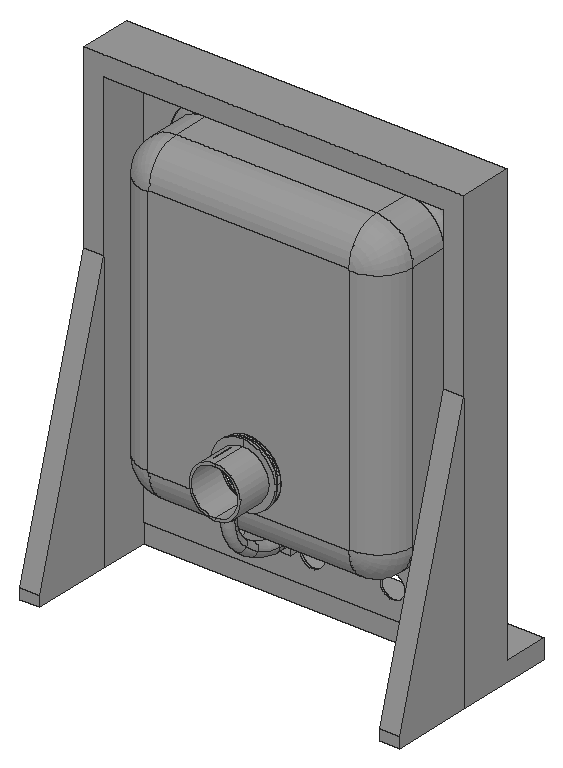
Revit family "equip-sink-elkay-lav-wall", category Plumbing Fixtures, host Face, Revit 2019
Family settings
  Host = Face
  Round Connector Dimension = Use Radius
  Part Type = Normal
  Cut with Voids When Loaded = No
  Shared = No
  Room Calculation Point = No
Parameters (values of type "WCLWO1923OSD3")
  WFU = 0  # constant formula
  Vent Connection = yes
  URL = "www.elkayusa.com"
  Type Comments = ""
  Stem Material = Metal - Steel
  Specification Sheet URL = "http://www.elkayusa.com/cps/rde/xbcr/elkay/03-21L_WCL19230SD.pdf"
  Sink Width = 1' - 11"
  Sink Part = "WCLWO1923OSD3"
  Sink Material = Metal - Steel - Stainless - Chrome
  Sink Length = 1' - 7"
  Sink Ledge Right Width Hidden = if(Sink Ledge Right Width > 0' 1 1/2", Sink Ledge Right Width, 0' 1 1/2")  # 0' - 2 3/4"
  Sink Ledge Right Width = 0' - 2 3/4"
  Sink Ledge Left Width Hidden = if(Sink Ledge Left Width > 0' 1 1/2", Sink Ledge Left Width, 0' 1 1/2")  # 0' - 2 3/4"
  Sink Ledge Left Width = 0' - 2 3/4"
  Sink Ledge Front Width Hidden = if(Sink Ledge Front Width > 0' 1 1/2", Sink Ledge Front Width, 0' 1 1/2")  # 0' - 2 1/2"
  Sink Ledge Front Width = 0' - 2 1/2"
  Sink Ledge Back Width Hidden = if(Sink Ledge Back Width > 0' 1 1/2", Sink Ledge Back Width, 0' 1 1/2")  # 0' - 4 1/2"
  Sink Ledge Back Width = 0' - 4 1/2"
  Sanitary Nominal Radius = Sanitary Nominal Dia / 2  # 0' - 0 3/4"
  Sanitary Nominal Dia = 0' - 1 1/2"
  Sanitary Flow Rate = 10 GPM
  Reference Level to Back Plane = 0' - 0"  # constant formula
  Overflow Void = if(OverFlow, 0' 0 3/16", 0' 0 1/16")  # 0' - 0 3/16"
  OverFlow = yes
  OmniClass Title = "Service Sinks"
  OmniClass Code = "23.45.05.14.14.27"
  Nominal Radius = Nominal Dia / 2  # 0' - 0 1/4"
  Nominal Dia = 0' - 0 1/2"
  Model = "WCLWO1923OSD3"
  Minimum Cabinet Width = ""
  MasterFormat Title = "Commercial Sinks"
  MasterFormat Number = "22.42.16.16"
  Manufacturer = "Elkay Manufacturing"
  Keynote = "D2010410"
  Hole Radius = Faucet Hole Dia / 2  # 0' - 0 5/8"
  Hole One to Two = 0' - 4"
  Hole One to Three = 0' - 8"
  HWFU = 0  # constant formula
  HW Flow Rate = 2 GPM
  Faucet Part = ""
  Faucet Material = Metal - Steel - Stainless - Chrome
  Faucet Hole Two Top = 0' - 0 1/4"
  Faucet Hole Two = Faucet Hole Two Top > 0' 0 63/256"  # yes
  Faucet Hole Three Top = 0' - 0 1/4"
  Faucet Hole Three = Faucet Hole Three Top > 0' 0 63/256"  # yes
  Faucet Hole One to CL = 0' - 4"
  Faucet Hole One Top = 0' - 0 1/4"
  Faucet Hole One = Faucet Hole One Top > 0' 0 63/256"  # yes
  Faucet Hole Dia = 0' - 1 1/4"
  Faucet CL to Wall = 0' - 2 1/2"
  Drain Part = ""
  Drain Material = Metal - Steel - Stainless - Chrome
  Drain CL LR to Left Bowl Edge = Bowl Length / 2  # 0' - 6 3/4"
  Description = "Wash-Up Lavatory Sinks"
  Default Elevation = 2' - 7 1/2"
  Date Created = "2011-06-06"
  Cost = -1
  CWFU = 0  # constant formula
  CW Flow Rate = 2 GPM
  Bubbler Part = ""
  Bubbler Nominal Radius = Bubbler Nominal Dia / 2  # 0' - 0 1/4"
  Bubbler Nominal Dia = 0' - 0 1/2"
  Bubbler Material = Metal - Steel - Stainless - Chrome
  Bubbler CW Flow Rate = 2 GPM
  Bowl Width = (Sink Width - Sink Ledge Front Width - Sink Ledge Back Width)  # 1' - 4"
  Bowl Length = Sink Length - Sink Ledge Left Width - Sink Ledge Right Width  # 1' - 1 1/2"
  Bowl Drain Location FB = 0' - 3 1/2"
  Bowl Depth = 0' - 4"
  Backsplash Height = 0' - 2 1/2"
  Assembly Code = "D2010410"
Types (10): name | Specification Sheet URL | Sink Width | Sink Part | Sink Length | Sink Ledge Right Width Hidden | Sink Ledge Right Width | Sink Ledge Left Width Hidden | Sink Ledge Left Width | Sink Ledge Front Width Hidden | Sink Ledge Front Width | Overflow Void | OverFlow | Model | Hole Radius | Hole One to Two | Hole One to Three | Faucet Hole Two Top | Faucet Hole Two | Faucet Hole Three Top | Faucet Hole Three | Faucet Hole One to CL | Faucet Hole One Top | Faucet Hole One | Faucet Hole Dia | Drain CL LR to Left Bowl Edge | Bowl Width | Bowl Length | Bowl Depth | Backsplash Height
  ELVWO22193 | "http://www.elkayusa.com/cps/rde/xbcr/elkay/03-03F_ELV2219_ELVWO2219.pdf" | 1' - 7" | "ELVWO22193" | 1' - 10" | 0' - 3" | 0' - 3" | 0' - 3" | 0' - 3" | 0' - 3" | 0' - 3" | 0' - 0 3/16" | yes | "ELVWO22193" | 0' - 0 3/4" | 0' - 4" | 0' - 8" | 0' - 0 1/4" | yes | 0' - 0 1/4" | yes | 0' - 4" | 0' - 0 1/4" | yes | 0' - 1 1/2" | 0' - 8" | 0' - 11 1/2" | 1' - 4" | 0' - 5 1/2" | 0' - 2 3/4"
  ELVWO2219CS3 | "http://www.elkayusa.com/cps/rde/xbcr/elkay/03-03F_ELV2219_ELVWO2219.pdf" | 1' - 7" | "ELVWO2219CS3" | 1' - 10" | 0' - 3" | 0' - 3" | 0' - 3" | 0' - 3" | 0' - 3" | 0' - 3" | 0' - 0 3/16" | yes | "ELVWO2219CS3" | 0' - 0 5/8" | 0' - 2" | 0' - 4" | 0' - 0 1/4" | yes | 0' - 0 1/4" | yes | 0' - 2" | 0' - 0 1/4" | yes | 0' - 1 1/4" | 0' - 8" | 0' - 11 1/2" | 1' - 4" | 0' - 5 1/2" | 0' - 2 3/4"
  ELVWO22191 | "http://www.elkayusa.com/cps/rde/xbcr/elkay/03-03F_ELV2219_ELVWO2219.pdf" | 1' - 7" | "ELVWO22191" | 1' - 10" | 0' - 3" | 0' - 3" | 0' - 3" | 0' - 3" | 0' - 3" | 0' - 3" | 0' - 0 3/16" | yes | "ELVWO22191" | 0' - 0 5/8" | 0' - 2" | 0' - 4" | 0' - 0 1/4" | yes | 0' - 0 1/8" | no | 0' - 2" | 0' - 0 1/8" | no | 0' - 1 1/4" | 0' - 8" | 0' - 11 1/2" | 1' - 4" | 0' - 5 1/2" | 0' - 2 3/4"
  WCLWO1923OSD3 | "http://www.elkayusa.com/cps/rde/xbcr/elkay/03-21L_WCL19230SD.pdf" | 1' - 11" | "WCLWO1923OSD3" | 1' - 7" | 0' - 2 3/4" | 0' - 2 3/4" | 0' - 2 3/4" | 0' - 2 3/4" | 0' - 2 1/2" | 0' - 2 1/2" | 0' - 0 3/16" | yes | "WCLWO1923OSD3" | 0' - 0 5/8" | 0' - 4" | 0' - 8" | 0' - 0 1/4" | yes | 0' - 0 1/4" | yes | 0' - 4" | 0' - 0 1/4" | yes | 0' - 1 1/4" | 0' - 6 3/4" | 1' - 4" | 1' - 1 1/2" | 0' - 4" | 0' - 2 1/2"
  ELV22193 | "http://www.elkayusa.com/cps/rde/xbcr/elkay/03-03F_ELV2219_ELVWO2219.pdf" | 1' - 7" | "ELV22193" | 1' - 10" | 0' - 3" | 0' - 3" | 0' - 3" | 0' - 3" | 0' - 3" | 0' - 3" | 0' - 0 1/16" | no | "ELV22193" | 0' - 0 3/4" | 0' - 4" | 0' - 8" | 0' - 0 1/4" | yes | 0' - 0 1/4" | yes | 0' - 4" | 0' - 0 1/4" | yes | 0' - 1 1/2" | 0' - 8" | 0' - 11 1/2" | 1' - 4" | 0' - 5 1/2" | 0' - 2 3/4"
  ELV22191 | "http://www.elkayusa.com/cps/rde/xbcr/elkay/03-03F_ELV2219_ELVWO2219.pdf" | 1' - 7" | "ELV22191" | 1' - 10" | 0' - 3" | 0' - 3" | 0' - 3" | 0' - 3" | 0' - 3" | 0' - 3" | 0' - 0 1/16" | no | "ELV22191" | 0' - 0 5/8" | 0' - 2" | 0' - 4" | 0' - 0 1/4" | yes | 0' - 0 1/8" | no | 0' - 2" | 0' - 0 1/8" | no | 0' - 1 1/4" | 0' - 8" | 0' - 11 1/2" | 1' - 4" | 0' - 5 1/2" | 0' - 2 3/4"
  WCL1923OSD1 | "http://www.elkayusa.com/cps/rde/xbcr/elkay/03-21L_WCL19230SD.pdf" | 1' - 11" | "WCL1923OSD1" | 1' - 7" | 0' - 2 1/2" | 0' - 2 1/2" | 0' - 2 1/2" | 0' - 2 1/2" | 0' - 2 1/2" | 0' - 2 1/2" | 0' - 0 1/16" | no | "WCL1923OSD1" | 0' - 0 5/8" | 0' - 4" | 0' - 8" | 0' - 0 1/4" | yes | 0' - 0 1/8" | no | 0' - 4" | 0' - 0 1/8" | no | 0' - 1 1/4" | 0' - 7" | 1' - 4" | 1' - 2" | 0' - 4" | 0' - 2 1/2"
  ELV2219CS3 | "http://www.elkayusa.com/cps/rde/xbcr/elkay/03-03F_ELV2219_ELVWO2219.pdf" | 1' - 7" | "ELV2219CS3" | 1' - 10" | 0' - 3" | 0' - 3" | 0' - 3" | 0' - 3" | 0' - 3" | 0' - 3" | 0' - 0 1/16" | no | "ELV2219CS3" | 0' - 0 5/8" | 0' - 2" | 0' - 4" | 0' - 0 1/4" | yes | 0' - 0 1/4" | yes | 0' - 2" | 0' - 0 1/4" | yes | 0' - 1 1/4" | 0' - 8" | 0' - 11 1/2" | 1' - 4" | 0' - 5 1/2" | 0' - 2 3/4"
  WCL1923OSD3 | "http://www.elkayusa.com/cps/rde/xbcr/elkay/03-21L_WCL19230SD.pdf" | 1' - 11" | "WCL1923OSD3" | 1' - 7" | 0' - 2 1/2" | 0' - 2 1/2" | 0' - 2 1/2" | 0' - 2 1/2" | 0' - 2 1/2" | 0' - 2 1/2" | 0' - 0 1/16" | no | "WCL1923OSD3" | 0' - 0 3/4" | 0' - 4" | 0' - 8" | 0' - 0 1/4" | yes | 0' - 0 1/4" | yes | 0' - 4" | 0' - 0 1/4" | yes | 0' - 1 1/2" | 0' - 7" | 1' - 4" | 1' - 2" | 0' - 4" | 0' - 2 1/2"
  WCL1923OSD0 | "http://www.elkayusa.com/cps/rde/xbcr/elkay/03-21L_WCL19230SD.pdf" | 1' - 11" | "WCL1923OSD0" | 1' - 7" | 0' - 2 1/2" | 0' - 2 1/2" | 0' - 2 1/2" | 0' - 2 1/2" | 0' - 2 1/2" | 0' - 2 1/2" | 0' - 0 1/16" | no | "WCL1923OSD0" | 0' - 0 5/8" | 0' - 4" | 0' - 8" | 0' - 0 1/8" | no | 0' - 0 1/8" | no | 0' - 5" | 0' - 0 1/8" | no | 0' - 1 1/4" | 0' - 7" | 1' - 4" | 1' - 2" | 0' - 4" | 0' - 2 1/2"
Reference planes (in)
  plane 1 "Center (Front/Back)": y = 0
  plane 2: z = 0
  plane 3 "Center (Left/Right)": x = 0
  plane 4 "Recommend Installation Base": y = -31.5
  plane 5 "Face of Connectors": z = 0.125
  plane 6 "Water Supply Install Height": y = -23.4375
  plane 7 "Sanitary Install Height": y = -11
  plane 8 "Water Cold Supply Install Plan": x = -1.125
  plane 9 "Water Hot Supply Plan": x = -9.125
  plane 10 "Sanitary Install Plan": x = 2
Forms (in)
  Extrusion 1, solid, material "Glass", not visible
    sketch origin (0, 0, 0) x (1, 0, 0) y (0, 1, 0)
      loop
        circle (2, -11) r 0.75
    from 0 to 0.125
  Extrusion 2, solid, material "Glass", not visible
    sketch origin (0, 0, 0) x (1, 0, 0) y (0, 1, 0)
      loop
        circle (-9.125, -23.4375) r 0.25
    from 0 to 0.125
  Extrusion 3, solid, material "Glass", not visible
    sketch origin (0, 0, 0) x (1, 0, 0) y (0, 1, 0)
      loop
        circle (-1.125, -23.4375) r 0.25
    from 0 to 0.125
Lines and regions (in)
  reference lines
    curve 1: circle (2, -11, 0) r 0.75 normal (0, 0, 1)
    curve 2: circle (-9.125, -23.4375, 0) r 0.25 normal (0, 0, 1)
    curve 3: circle (-1.125, -23.4375, 0) r 0.25 normal (0, 0, 1)
Dimensions and locks (in)
  locked: plane 4 "Recommend Installation Base" to plane 1 "Center (Front/Back)" at 31.5
  locked: plane 5 "Face of Connectors" to plane 2 at 0.125
  locked: plane 4 "Recommend Installation Base" to plane 6 "Water Supply Install Height" at 8.0625
  locked: plane 4 "Recommend Installation Base" to plane 7 "Sanitary Install Height" at 20.5
  locked: plane 8 "Water Cold Supply Install Plan" to plane 3 "Center (Left/Right)" at 1.125
  locked: plane 9 "Water Hot Supply Plan" to plane 8 "Water Cold Supply Install Plan" at 8
  plane 3 "Center (Left/Right)" to plane 10 "Sanitary Install Plan" = 0' - 2"
  "Sanitary Nominal Radius": radius of curve 1
  "Nominal Radius": radius of curve 2
  "Nominal Radius": radius of curve 3
  aligned and locked: plane 2 to host face
  aligned and locked: level to host face
  aligned and locked: nested 1 to plane 1 "Center (Front/Back)"
  aligned and locked: Extrusion 1 sketch curve to curve 1
  aligned and locked: Extrusion 2 sketch curve to curve 2
  aligned and locked: Extrusion 3 sketch curve to curve 3
  aligned and locked: Extrusion 1 to plane 2
  aligned and locked: plane 5 "Face of Connectors" to Extrusion 1
  aligned and locked: Extrusion 3 to plane 2
  aligned and locked: plane 5 "Face of Connectors" to Extrusion 3
  aligned and locked: Extrusion 2 to plane 2
  aligned and locked: plane 5 "Face of Connectors" to Extrusion 2
Automatic sketch dimensions
  host sketch curve to host sketch curve = 8' - 0"  (x2)
  curve 2 to plane 6 "Water Supply Install Height" = 0' - 0"
  curve 2 to plane 9 "Water Hot Supply Plan" = 0' - 0"
  curve 3 to plane 6 "Water Supply Install Height" = 0' - 0"
  curve 3 to plane 8 "Water Cold Supply Install Plan" = 0' - 0"
  curve 1 to plane 7 "Sanitary Install Height" = 0' - 0"
  curve 1 to plane 10 "Sanitary Install Plan" = 0' - 0"
Nested families (in)
  nested 1: "equip-sink-elkay-lav-wall-package-perp" at (0, 2, 0), type "equip-sink-elkay-lav-wall-package-perp"
    with Sink Width 1' - 11", Sink Length 1' - 7", Sink Ledge Right Width Hidden 0' - 2 3/4", Sink Ledge Right Width 0' - 2 3/4", Sink Ledge Left Width Hidden 0' - 2 3/4", Sink Ledge Left Width 0' - 2 3/4", Sink Ledge Front Width Hidden 0' - 2 1/2", Sink Ledge Front Width 0' - 2 1/2", Hole One to Two 0' - 4", Hole One to Three 0' - 8", Backsplash Height 0' - 2 1/2", Faucet Hole One to CL 0' - 4", Drain CL LR to Left Bowl Edge 0' - 6 3/4", Bowl Depth 0' - 4", Bowl Length 1' - 1 1/2", Bowl Width 1' - 4"
Connectors (in)
  piping at (2, -11, 0), diameter 1.5, driven by "Sanitary Nominal Radius", driven by "Sanitary Flow Rate"
    settings: on Extrusion 1, index 1, connector inside diameter 1 1/2", connector length 0' - 0", flow factor 0, pipe flow 10 GPM, pressure drop 0.00 psi, fitting loss kfactor 0, connector angle 0.00°, fixture units 0, engagement length 0' - 0", angle of deflection 0.00°, flow configuration 1, flow direction 2, fitting loss method 0, system type 16, joint type 0, gender type 0, connector reference index -1, connector utility 0, adjustable connector yes, is connector primary yes, connector description "Sanitary"
  piping at (-1.125, -23.4375, 0), diameter 0.5, driven by "Nominal Radius", driven by "CW Flow Rate"
    settings: on Extrusion 3, index 2, connector inside diameter 1/2", connector length 0' - 0", flow factor 0, pipe flow 2 GPM, pressure drop 0.00 psi, fitting loss kfactor 0, connector angle 0.00°, fixture units 0, engagement length 0' - 0", angle of deflection 0.00°, flow configuration 1, flow direction 1, fitting loss method 0, system type 29, joint type 0, gender type 0, connector reference index -1, connector utility 0, adjustable connector no, is connector primary no, connector description "Cold Water Supply"
  piping at (-9.125, -23.4375, 0), diameter 0.5, driven by "Nominal Radius", driven by "CW Flow Rate"
    settings: on Extrusion 2, index 3, connector inside diameter 1/2", connector length 0' - 0", flow factor 0, pipe flow 2 GPM, pressure drop 0.00 psi, fitting loss kfactor 0, connector angle 0.00°, fixture units 0, engagement length 0' - 0", angle of deflection 0.00°, flow configuration 1, flow direction 1, fitting loss method 0, system type 29, joint type 0, gender type 0, connector reference index -1, connector utility 0, adjustable connector no, is connector primary no, connector description "Hot Water Supply"
Definition of nested family "equip-sink-elkay-lav-wall-package-perp"
  Parameters
    URL = "www.elkayusa.com"
    Stem Material = none
    Specification Sheet URL = ""
    Sink Width = 1' - 7"
    Sink Material = none
    Sink Length = 1' - 10"
    Sink Ledge Right Width Hidden = if(Sink Ledge Right Width > 0' 1 1/2", Sink Ledge Right Width, 0' 1 1/2")  # 0' - 3"
    Sink Ledge Right Width = 0' - 3"
    Sink Ledge Left Width Hidden = if(Sink Ledge Left Width > 0' 1 1/2", Sink Ledge Left Width, 0' 1 1/2")  # 0' - 3"
    Sink Ledge Left Width = 0' - 3"
    Sink Ledge Front Width Hidden = if(Sink Ledge Front Width > 0' 1 1/2", Sink Ledge Front Width, 0' 1 1/2")  # 0' - 3"
    Sink Ledge Front Width = 0' - 3"
    Sink Ledge Back Width Hidden = if(Sink Ledge Back Width > 0' 1 1/2", Sink Ledge Back Width, 0' 1 1/2")  # 0' - 4 1/2"
    Sink Ledge Back Width = 0' - 4 1/2"
    Sink Part = "ELVWO2219CS3"
    Reference Level to Back Plane = 0' - 0"  # constant formula
    Overflow Void = if(OverFlow, 0' 0 3/16", 0' 0 1/16")  # 0' - 0 3/16"
    OverFlow = yes
    Nominal Radius = Nominal Dia / 2  # 0' - 0 3/16"
    Nominal Dia = 0' - 0 3/8"
    Hole Radius = Faucet Hole Dia / 2  # 0' - 0 5/8"
    Hole One to Two = 0' - 2"
    Hole One to Three = 0' - 4"
    HW Flow Rate = 2 GPM
    Faucet Part = ""
    Faucet Material = none
    Faucet Hole Two Top = 0' - 0 1/4"
    Faucet Hole Two = Faucet Hole Two Top > 0' 0 63/256"  # yes
    Faucet Hole Dia = 0' - 1 1/4"
    Drain Part = ""
    Drain Material = none
    CW Flow Rate = 2 GPM
    Bubbler Part = ""
    Bubbler Nominal Radius = Bubbler Nominal Dia / 2  # 0' - 0 1/4"
    Bubbler Nominal Dia = 0' - 0 1/2"
    Bubbler Material = none
    Bubbler CW Flow Rate = 2 GPM
    Backsplash Height = 0' - 2 3/4"
    Faucet Hole Three Top = 0' - 0 1/4"
    Faucet Hole Three = Faucet Hole Three Top > 0' 0 63/256"  # yes
    Faucet Hole One = Faucet Hole One Top > 0' 0 63/256"  # yes
    Faucet CL to Wall = 0' - 2 1/2"
    Faucet Hole One to CL = 0' - 2"
    Drain CL LR to Left Bowl Edge = Bowl Length / 2  # 0' - 8"
    Faucet Hole One Top = 0' - 0 1/4"
    Bowl Depth = 0' - 5 1/2"
    Sanitary Flow Rate = 10 GPM
    OmniClass Title = "Service Sinks"
    OmniClass Code = "23.45.05.14.14.27"
    Sanitary Nominal Radius = Sanitary Nominal Dia / 2  # 0' - 0 3/4"
    Sanitary Nominal Dia = 0' - 1 1/2"
    Model = "ELVWO2219CS3"
    Minimum Cabinet Width = ""
    MasterFormat Title = "Commercial Sinks"
    MasterFormat Number = "22.42.16.16"
    Manufacturer = "Elkay Manufacturing"
    Installation Sheet URL = ""
    Bowl Drain Location FB = 0' - 3 1/2"
    Description = "Wash-Up Lavatory Sinks"
    Default Elevation = 0' - 0"
    Deep Specification Sheet URL = ""
    Date Created = "2011-06-06"
    Bowl Length = Sink Length - Sink Ledge Left Width - Sink Ledge Right Width  # 1' - 4"
    Bowl Width = (Sink Width - Sink Ledge Front Width - Sink Ledge Back Width)  # 0' - 11 1/2"
    Assembly Code = "D2010410"
  Reference planes (in)
    plane 1 "CL Sink Hole": z = 8
    plane 2 "Bottom-New": z = 0
    plane 3 "Center (Left/Right)": x = 0
    plane 4 "Basin Edge Left": x = -8
    plane 5 "Basin Edge Right": x = 8
    plane 6 "Back Right Bowl Edge": z = 4.5
    plane 7 "Basin Edge Front": z = 16
    plane 8 "Left": x = -11
    plane 9 "Right": x = 11
    plane 10 "Back": z = 0
    plane 11 "Front": z = 19
    plane 12 "Edge Opening Right": x = 8.42188
    plane 13 "Edge Opening Left": x = -8.42187
    plane 14 "Sink Top Piece Bottom Face": y = -2.25
    plane 15 "Top Radius Corner Prot": y = -2.60938
    plane 16 "Left Sink Bottom Piece Left Edge": x = -6.3125
    plane 17 "Sink Bottom Piece Right Edge": x = 6.3125
    plane 18 "Sink Bottom Piece Back Edge": z = 6.1875
    plane 19 "Sink Bottom Piece Front Edge": z = 14.3125
    plane 20 "Center (Front/Back)": z = 9.5
    plane 21 "Right Bowl CL Drain": x = 0
    plane 22 "Edge Opening Front": z = 16.42187
    plane 23 "Right Sink Right Edge Radius": x = 6.25
    plane 24 "Front Edge Bottom Edge Radius": z = 14.25
    plane 25 "Back Edge Bottom Edge Radius": z = 6.25
    plane 26 "Back Right Edge Opening": z = 4.07812
    plane 27 "Left Bowl Bottom Edge Radius": x = -6.25
    plane 28 "Masking Region": y = -0.93593
    plane 29 "Sink Wall Right Inside Edge": x = 10
    plane 30 "Backsplash Front": z = 1
    plane 31 "Sink Wall Left Inside Edge": x = -10
    plane 32 "Right Bowl Bottom Top Face": y = -7.6875
    plane 33 "Right Bowl Bottom Bottom Face": y = -7.75
    plane 34 "Right Bowl Bottom Top of Radius": y = -6
    plane 35 "Faucet Hole Bottom": y = -2.4375
    plane 36 "Faucet Hole CL Front/Back": z = 2.5
    plane 37 "Top of Rim": y = -2
    plane 38 "CL Bowl Left/Right": x = 0
    plane 39 "CL Bowl Front/Back": z = 10.25
    plane 40 "Top of Backsplash": y = 0.5625
    plane 41 "Bottom of Side Apron": y = -4.4375
    plane 42 "Bottom of Bracket": y = -8.4375
    plane 43 "Front of Side Angle": z = 14
    plane 44 "Sink Wall Front Inside Edge": z = 18
    plane 45 "Faucet Hole One": x = -2
    plane 46 "Faucet Hole 3": x = 2
    plane 47 "Faucet Hole 2": x = 0
    plane 48 "Faucet Hole 3 Top": y = -2.1875
    plane 49 "Faucet Hole 2 Top": y = -2.1875
    plane 50 "Front Angle": z = 0.5
    plane 51 "Faucet Hole Top One": y = -2.1875
    plane 52 "Top Overflow Cup": y = -8.02928
    plane 53 "Bottom Overflow Cup": y = -9.87303
    plane 54 "Bottom of Overflo Cup Lip": y = -8.12303
    plane 55 "CL Pipe overflow": y = -9.01365
    plane 56 "CL Pipe Overflow @ housing": z = 4
    plane 57 "Bottom Overflow Pipe": y = -5.94169
    plane 58 "Top Overflow Pipe": y = -4.21875
    plane 59 "Top overflow housing": y = -2.71875
    plane 60 "Overflow housing misc": y = -3.8547
    plane 61 "Back overflow housing": z = 3.5
    plane 62 "Back Side Overflow": z = 4.375
    plane 63 "Front Overflow": z = 4.5625
    plane 64 "CL Overflow Elev": y = -3.25
    plane 65 "Sink Deck": y = -2.1875
    plane 66 "Bottom of San Connector": y = -8.18553
  Forms (in)
    Extrusion 1, solid, material <- "Sink Material"
      sketch origin (11, -38, 34) x (0, 0, -1) y (0, 1, 0)
        loop
          line (33, 38.5625) -> (33, 35.8125) -> (34, 35.8125) -> (34, 38.5625) -> (33, 38.5625)
      from -22 to 0
    Extrusion 2, solid, material <- "Sink Material"
      sketch origin (0, -38, 34) x (0, 0, -1) y (0, 1, 0)
        loop
          line (20, 33.5625) -> (33.5, 29.5625) -> (34, 29.5625) -> (34, 33.5625) -> (20, 33.5625)
      from 10 to 11
    Extrusion 3, solid, material <- "Sink Material"
      sketch origin (0, -38, 34) x (0, 0, -1) y (0, 1, 0)
        loop
          line (34, 33.5625) -> (20, 33.5625) -> (33.5, 29.5625) -> (34, 29.5625) -> (34, 33.5625)
      from -11 to -10
    Extrusion 4, solid, material <- "Sink Material"
      sketch origin (0, -2.1875, 0) x (0, 0, -1) y (1, 0, 0)
        loop
          line (0, -11) -> (0, -10) -> (-18, -10) -> (-18, 10) -> (0, 10) -> (0, 11) -> (-19, 11) -> (-19, -11) -> (0, -11)
      from 2.25 to 0
    Sweep 5, solid, material <- "Sink Material"
      path origin (0, -2.1875, 0) x (0, 0, -1) y (1, 0, 0)
        loop
          line (-1, 11) -> (-19, 11) -> (-19, -11) -> (-1, -11)
      profile "profile-elkay-sink-rim-10 : profile-elkay-sink-rim-10" origin (0, -2.1875, 19) x (0, 0, -1) y (0, -1, 0)
        loop
          line (0.77655, -0.1875) -> (1, 0) -> (0, 0) -> (0, -0.1875) -> (0.77655, -0.1875)
    Extrusion 6, solid, material <- "Drain Material", visible <- "OverFlow"
      sketch origin (0, -38, 34) x (0, 0, -1) y (0, 1, 0)
        loop
          line (30.02038, 35.28125) -> (29.625, 35.28125) -> (29.625, 33.78125) -> (30.5, 33.78125) -> (30.5, 34.1453) -> (30.02038, 35.28125)
      from -0.5 to 0.5
    Revolve 7, solid, material <- "Drain Material", visible <- "OverFlow"
      sketch origin (0, -37.92214, 34) x (0, 0, -1) y (0, 1, 0)
        loop
          line (24.71875, 28.04911) -> (24.84375, 28.04911) -> (24.84375, 29.89286) -> (24.375, 29.89286) -> (24.375, 29.79911) -> (24.71875, 29.79911) -> (24.71875, 28.04911)
        axis (26, 29.89286) -> (26, 28.04911)
      angle from 0 to 360
    Sweep 8, solid, material <- "Drain Material", visible <- "OverFlow"
      path origin (0, -36.42214, 34) x (0, 0, -1) y (0, 1, 0)
        loop
          line (27.28126, 27.40848) -> (27.49348, 27.40848)
          arc (27.49348, 27.40848) -> (28.33972, 27.59009) -> (29.03694, 28.10291) r 2.0625
          arc (29.03694, 28.10291) -> (29.31698, 28.45835) -> (29.55517, 28.84308) r 4.00885
          arc (29.55517, 28.84308) -> (29.83675, 29.49167) -> (30, 30.17964) r 4.00885
          line (30, 30.17964) -> (30, 30.48045)
      profile origin (0, -9.01365, 6.61263) x (1, 0, 0) y (0, 1, 0)
        loop
          circle (0, 0) r 0.3125
    Extrusion 9, solid, material <- "Drain Material", visible <- "OverFlow"
      sketch origin (0, -38, 34) x (1, 0, 0) y (0, 0, -1)
        loop
          circle (0, 30) r 0.3125
      from 32.05831 to 33.78125
    Sweep 10, solid, material <- "Sink Material", visible <- "OverFlow"
      path origin (-0.26678, 0, 4.5625) x (1, 0, 0) y (0, 1, 0)
        loop
          circle (0.26678, -3.25) r 0.5771
      profile "profile-elkay-sink-drain-front-REV : profile-elkay-sink-drain-front-REV" origin (0, -3.8271, 4.5625) x (0, -1, 0) y (0, 0, 1)
        loop
          line (-0.21875, -0.125) -> (0, -0.125) -> (0, 0) -> (-0.28125, 0) -> (-0.28125, -0.5) -> (-0.21875, -0.5) -> (-0.21875, -0.125)
    Extrusion 11, solid, visible <- "OverFlow"
      sketch origin (0, 0, 4.5625) x (1, 0, 0) y (0, 1, 0)
        loop
          circle (0, -3.25) r 0.25
      from -0.0625 to 0
    Extrusion 12, solid
      sketch origin (0, -9.87303, 0) x (0, 0, 1) y (1, 0, 0)
        loop
          circle (8, 0) r 0.75
      from 1.6875 to 1.75
    Sweep 13, solid, material <- "Sink Material"
      path origin (0, -2.1875, 0) x (0, 0, -1) y (1, 0, 0)
        loop
          line (-16, 6.25) -> (-16, -6.25)
          arc (-16, -6.25) -> (-15.48744, -7.48744) -> (-14.25, -8) r 1.75
          line (-14.25, -8) -> (-6.25, -8)
          arc (-6.25, -8) -> (-5.01256, -7.48744) -> (-4.5, -6.25) r 1.75
          line (-4.5, -6.25) -> (-4.5, 6.25)
          arc (-4.5, 6.25) -> (-5.01256, 7.48744) -> (-6.25, 8) r 1.75
          line (-6.25, 8) -> (-14.25, 8)
          arc (-14.25, 8) -> (-15.48744, 7.48744) -> (-16, 6.25) r 1.75
      profile origin (0, -2.1875, 16) x (0, 0, -1) y (0, -1, 0)
        loop
          line (0, 0.42187) -> (0, 3.8125)
          arc (0, 3.8125) -> (0.49426, 5.00574) -> (1.6875, 5.5) r 1.6875
          line (1.6875, 5.5) -> (1.6875, 5.5625)
          arc (1.6875, 5.5625) -> (0.45006, 5.04994) -> (-0.0625, 3.8125) r 1.75
          line (-0.0625, 3.8125) -> (-0.0625, 0.42187)
          arc (-0.0625, 0.42187) -> (-0.16776, 0.16776) -> (-0.42187, 0.0625) r 0.35937
          line (-0.42187, 0.0625) -> (-0.42187, 0)
          arc (-0.42187, 0) -> (-0.12356, 0.12356) -> (0, 0.42187) r 0.42187
    Extrusion 14, solid, material <- "Sink Material"
      sketch origin (0, -2.1875, 0) x (0, 0, -1) y (1, 0, 0)
        loop
          arc (-14.25, 6.3125) -> (-14.29419, 6.29419) -> (-14.3125, 6.25) r 0.0625
          line (-14.3125, 6.25) -> (-14.3125, -6.25)
          arc (-14.3125, -6.25) -> (-14.29419, -6.29419) -> (-14.25, -6.3125) r 0.0625
          line (-14.25, -6.3125) -> (-6.25, -6.3125)
          arc (-6.25, -6.3125) -> (-6.20581, -6.29419) -> (-6.1875, -6.25) r 0.0625
          line (-6.1875, -6.25) -> (-6.1875, 6.25)
          arc (-6.1875, 6.25) -> (-6.20581, 6.29419) -> (-6.25, 6.3125) r 0.0625
          line (-6.25, 6.3125) -> (-14.25, 6.3125)
        loop
          circle (-8, 0) r 1.625
      from 5.5625 to 5.5
    Sweep 15, solid, material <- "Sink Material"
      path origin (0, -7.6875, 0) x (-1, 0, 0) y (0, 0, 1)
        loop
          circle (0, 8) r 1.625
      profile "profile-elkay-sink-d4-csk : profile-elkay-sink-d4-csk" origin (0, -7.6875, 9.625) x (0, 0, -1) y (0, 1, 0)
        loop
          line (0.5, -0.29111) -> (0.15646, -0.13437)
          arc (0.15646, -0.13437) -> (0.14249, -0.12559) -> (0.13131, -0.11346) r 0.0625
          line (0.13131, -0.11346) -> (0.08817, -0.05226)
          arc (0.08817, -0.05226) -> (0.05064, -0.01507) -> (0, 0) r 0.1086
          line (0, 0) -> (0, -0.04618)
          arc (0, -0.04618) -> (0.02621, -0.05419) -> (0.04646, -0.07265) r 0.0625
          line (0.04646, -0.07265) -> (0.09341, -0.13969)
          arc (0.09341, -0.13969) -> (0.11294, -0.16097) -> (0.13739, -0.17634) r 0.1086
          line (0.13739, -0.17634) -> (0.5, -0.34178) -> (0.5, -0.29111)
    Extrusion 16, solid, material <- "Sink Material"
      sketch origin (0, -2.1875, 0) x (0, 0, -1) y (1, 0, 0)
        loop
          line (-14.25, -8.42188) -> (-6.25, -8.42188)
          arc (-6.25, -8.42188) -> (-4.71425, -7.78575) -> (-4.07812, -6.25) r 2.17187
          line (-4.07812, -6.25) -> (-4.07812, 6.25)
          arc (-4.07812, 6.25) -> (-4.71425, 7.78575) -> (-6.25, 8.42188) r 2.17187
          line (-6.25, 8.42188) -> (-14.25, 8.42187)
          arc (-14.25, 8.42187) -> (-15.78575, 7.78575) -> (-16.42187, 6.25) r 2.17187
          line (-16.42187, 6.25) -> (-16.42187, -6.25)
          arc (-16.42187, -6.25) -> (-15.78575, -7.78575) -> (-14.25, -8.42188) r 2.17187
        loop
          line (-18, 10) -> (-18, -10) -> (-1, -10) -> (-1, 10) -> (-18, 10)
      from 0 to 0.0625
    Extrusion 17, void
      sketch origin (0, -2.1875, 0) x (0, 0, -1) y (1, 0, 0)
        loop
          circle (-2.5, -2) r 0.625
      from 0 to 0.25
    Extrusion 18, void
      sketch origin (0, -2.1875, 0) x (0, 0, -1) y (1, 0, 0)
        loop
          circle (-2.5, 0) r 0.625
      from 0 to 0.25
    Extrusion 19, void
      sketch origin (0, -2.1875, 0) x (0, 0, -1) y (1, 0, 0)
        loop
          circle (-2.5, 2) r 0.625
      from 0 to 0.25
  Cuts and joins
    joined: Extrusion 1, Extrusion 4, Sweep 5
    joined: Sweep 13, Extrusion 14, Sweep 15
    Extrusion 17, Extrusion 18, Extrusion 19 cuts Extrusion 16
  Lines and regions (in)
    Masking region 1
      outline origin (0, -0.93593, 0) x (-1, 0, 0) y (0, 0, 1)
        loop
          line (-11, 19) -> (-11, 0) -> (11, 0) -> (11, 19) -> (-11, 19)
    symbolic lines
      curve 1: line (-11.00745, -0.93593, 1) -> (11, -0.93593, 1)
      curve 2: line (-10, -0.93593, 17.99255) -> (-10, -0.93593, 1)
      curve 3: line (10, -0.93593, 1) -> (10, -0.93593, 17.99255)
      curve 4: line (10, -0.93593, 17.99255) -> (-10, -0.93593, 17.99255)
      curve 26: line (-8, -0.93593, 6.25) -> (-8, -0.93593, 14.25)
      curve 27: line (-6.25, -0.93593, 16) -> (6.25, -0.93593, 16)
      curve 28: line (8, -0.93593, 6.25) -> (8, -0.93593, 14.25)
      curve 29: line (-6.25, -0.93593, 4.5) -> (6.25, -0.93593, 4.5)
      curve 30: arc (-6.25, -0.93593, 4.5) -> (-7.48744, -0.93593, 5.01256) -> (-8, -0.93593, 6.25) r 1.75
      curve 31: arc (8, -0.93593, 6.25) -> (7.48744, -0.93593, 5.01256) -> (6.25, -0.93593, 4.5) r 1.75
      curve 32: arc (8, -0.93593, 14.25) -> (7.48744, -0.93593, 15.48744) -> (6.25, -0.93593, 16) r 1.75
      curve 33: arc (-8, -0.93593, 14.25) -> (-7.48744, -0.93593, 15.48744) -> (-6.25, -0.93593, 16) r 1.75
      curve 34: circle (0, -0.93593, 8) r 1.625 normal (0, 1, 0)
    reference lines
      curve 5: arc (11, 0.5625, 0.95851) -> (11, 0.55439, 0.98742) -> (11, 0.52713, 1) r 0.03582
      curve 8: circle (0, -8.18553, 8) r 0.75 normal (0, 1, 0)
      curve 9: arc (0, -2.60938, 16) -> (0, -2.31106, 16.12356) -> (0, -2.1875, 16.42187) r 0.42187
      curve 10: arc (6.3125, -2.1875, 14.25) -> (6.29419, -2.1875, 14.29419) -> (6.25, -2.1875, 14.3125) r 0.0625
      curve 11: arc (-6.25, -2.1875, 14.3125) -> (-6.29419, -2.1875, 14.29419) -> (-6.3125, -2.1875, 14.25) r 0.0625
      curve 12: arc (6.3125, -2.1875, 6.25) -> (6.29419, -2.1875, 6.20581) -> (6.25, -2.1875, 6.1875) r 0.0625
      curve 13: arc (-6.3125, -2.1875, 6.25) -> (-6.29419, -2.1875, 6.20581) -> (-6.25, -2.1875, 6.1875) r 0.0625
      curve 14: arc (8, -2.1875, 14.25) -> (7.48744, -2.1875, 15.48744) -> (6.25, -2.1875, 16) r 1.75
      curve 15: arc (8.42187, -2.1875, 14.25) -> (7.78575, -2.1875, 15.78575) -> (6.25, -2.1875, 16.42187) r 2.17187
      curve 16: arc (8, -2.1875, 6.25) -> (7.48744, -2.1875, 5.01256) -> (6.25, -2.1875, 4.5) r 1.75
      curve 17: arc (8.42188, -2.1875, 6.25) -> (7.78575, -2.1875, 4.71425) -> (6.25, -2.1875, 4.07812) r 2.17187
      curve 18: arc (-6.25, -2.1875, 4.5) -> (-7.48744, -2.1875, 5.01256) -> (-8, -2.1875, 6.25) r 1.75
      curve 19: arc (-8.42188, -2.1875, 6.25) -> (-7.78575, -2.1875, 4.71425) -> (-6.25, -2.1875, 4.07812) r 2.17187
      curve 20: arc (-8, -2.1875, 14.25) -> (-7.48744, -2.1875, 15.48744) -> (-6.25, -2.1875, 16) r 1.75
      curve 21: arc (-8.42188, -2.1875, 14.25) -> (-7.78575, -2.1875, 15.78575) -> (-6.25, -2.1875, 16.42187) r 2.17187
      curve 22: circle (0, -7.6875, 8) r 1.625 normal (0, 1, 0)
      curve 23: circle (-2, -2.1875, 2.5) r 0.625 normal (0, -1, 0)
      curve 24: circle (0, -2.1875, 2.5) r 0.625 normal (0, -1, 0)
      curve 25: circle (2, -2.1875, 2.5) r 0.625 normal (0, -1, 0)
    reference lines, not visible
      curve 6: line (0, -4.4375, 14) -> (0, -8.4375, 0.5)
      curve 7: arc (11, -6, 16) -> (11, -7.19324, 15.50574) -> (11, -7.6875, 14.3125) r 1.6875
    symbolic lines, visible <- "Faucet Hole Three"
      curve 35: circle (2, -0.93593, 2.5) r 0.625 normal (0, -1, 0)
    symbolic lines, visible <- "Faucet Hole Two"
      curve 36: circle (0, -0.93593, 2.5) r 0.625 normal (0, -1, 0)
    symbolic lines, visible <- "Faucet Hole One"
      curve 37: circle (-2, -0.93593, 2.5) r 0.625 normal (0, -1, 0)
  Dimensions and locks (in)
    "Sink Ledge Left Width Hidden": plane 8 "Left" to plane 4 "Basin Edge Left"
    "Sink Ledge Right Width Hidden": plane 5 "Basin Edge Right" to plane 9 "Right"
    "Sink Length": plane 8 "Left" to plane 9 "Right"
    locked: plane 13 "Edge Opening Left" to plane 4 "Basin Edge Left" at 0.42188
    locked: plane 4 "Basin Edge Left" to plane 16 "Left Sink Bottom Piece Left Edge" at 1.6875
    locked: plane 17 "Sink Bottom Piece Right Edge" to plane 5 "Basin Edge Right" at 1.6875
    locked: plane 5 "Basin Edge Right" to plane 12 "Edge Opening Right" at 0.42188
    equal spacing: plane 8 "Left", plane 3 "Center (Left/Right)", plane 9 "Right"
    locked: plane 23 "Right Sink Right Edge Radius" to plane 17 "Sink Bottom Piece Right Edge" at 0.0625
    locked: plane 16 "Left Sink Bottom Piece Left Edge" to plane 27 "Left Bowl Bottom Edge Radius" at 0.0625
    locked: plane 65 "Sink Deck" to plane 15 "Top Radius Corner Prot" at 0.42187
    locked: plane 65 "Sink Deck" to plane 14 "Sink Top Piece Bottom Face" at 0.0625
    locked: plane 28 "Masking Region" to plane 65 "Sink Deck" at 1.25157
    locked: plane 29 "Sink Wall Right Inside Edge" to plane 9 "Right" at 1
    locked: plane 8 "Left" to plane 31 "Sink Wall Left Inside Edge" at 1
    locked: plane 34 "Right Bowl Bottom Top of Radius" to plane 32 "Right Bowl Bottom Top Face" at 1.6875
    locked: plane 32 "Right Bowl Bottom Top Face" to plane 33 "Right Bowl Bottom Bottom Face" at 0.0625
    "Bowl Depth": plane 65 "Sink Deck" to plane 32 "Right Bowl Bottom Top Face"
    locked: plane 65 "Sink Deck" to plane 35 "Faucet Hole Bottom" at 0.25
    "Drain CL LR to Left Bowl Edge": plane 4 "Basin Edge Left" to plane 21 "Right Bowl CL Drain"
    equal spacing: plane 4 "Basin Edge Left", plane 38 "CL Bowl Left/Right", plane 5 "Basin Edge Right"
    locked: plane 40 "Top of Backsplash" to plane 42 "Bottom of Bracket" at 9
    "Backsplash Height": plane 40 "Top of Backsplash" to plane 65 "Sink Deck"
    locked: plane 41 "Bottom of Side Apron" to plane 42 "Bottom of Bracket" at 4
    "Faucet Hole One to CL": plane 45 "Faucet Hole One" to plane 38 "CL Bowl Left/Right"
    "Hole One to Two": plane 45 "Faucet Hole One" to plane 47 "Faucet Hole 2"
    "Hole One to Three": plane 45 "Faucet Hole One" to plane 46 "Faucet Hole 3"
    locked: plane 50 "Front Angle" to plane 10 "Back" at 0.5
    plane 40 "Top of Backsplash" to plane 41 "Bottom of Side Apron" = 0' - 5"
    "Faucet Hole Two Top": plane 49 "Faucet Hole 2 Top" to plane 35 "Faucet Hole Bottom"
    "Faucet Hole Three Top": plane 48 "Faucet Hole 3 Top" to plane 35 "Faucet Hole Bottom"
    "Faucet Hole One Top": plane 35 "Faucet Hole Bottom" to plane 51 "Faucet Hole Top One"
    locked: plane 32 "Right Bowl Bottom Top Face" to plane 52 "Top Overflow Cup" at 0.34178
    locked: plane 52 "Top Overflow Cup" to plane 53 "Bottom Overflow Cup" at 1.84375
    locked: plane 52 "Top Overflow Cup" to plane 54 "Bottom of Overflo Cup Lip" at 0.09375
    locked: plane 52 "Top Overflow Cup" to plane 55 "CL Pipe overflow" at 0.98438
    locked: plane 55 "CL Pipe overflow" to plane 57 "Bottom Overflow Pipe" at 3.07196
    locked: plane 15 "Top Radius Corner Prot" to plane 58 "Top Overflow Pipe" at 1.60937
    locked: plane 15 "Top Radius Corner Prot" to plane 59 "Top overflow housing" at 0.10937
    locked: plane 6 "Back Right Bowl Edge" to plane 61 "Back overflow housing" at 1
    locked: plane 60 "Overflow housing misc" to plane 58 "Top Overflow Pipe" at 0.36405
    locked: plane 6 "Back Right Bowl Edge" to plane 62 "Back Side Overflow" at 0.125
    "Overflow Void": plane 63 "Front Overflow" to plane 62 "Back Side Overflow"
    locked: plane 64 "CL Overflow Elev" to plane 65 "Sink Deck" at 1.0625
    locked: plane 65 "Sink Deck" to plane 37 "Top of Rim" at 0.1875
    "Reference Level to Back Plane": plane 2 "Bottom-New" to plane 10 "Back"
    locked: plane 44 "Sink Wall Front Inside Edge" to plane 11 "Front" at 1
    "Sink Ledge Front Width Hidden": plane 7 "Basin Edge Front" to plane 11 "Front"
    locked: plane 7 "Basin Edge Front" to plane 22 "Edge Opening Front" at 0.42187
    locked: plane 24 "Front Edge Bottom Edge Radius" to plane 7 "Basin Edge Front" at 1.75
    locked: plane 19 "Sink Bottom Piece Front Edge" to plane 24 "Front Edge Bottom Edge Radius" at 0.0625
    equal spacing: plane 6 "Back Right Bowl Edge", plane 39 "CL Bowl Front/Back", plane 7 "Basin Edge Front"
    locked: plane 43 "Front of Side Angle" to plane 10 "Back" at 14
    equal spacing: plane 10 "Back", plane 20 "Center (Front/Back)", plane 11 "Front"
    locked: plane 10 "Back" to plane 30 "Backsplash Front" at 1
    "Faucet CL to Wall": plane 10 "Back" to plane 36 "Faucet Hole CL Front/Back"
    "Sink Ledge Back Width Hidden": plane 10 "Back" to plane 6 "Back Right Bowl Edge"
    "Bowl Drain Location FB": plane 6 "Back Right Bowl Edge" to plane 1 "CL Sink Hole"
    locked: plane 26 "Back Right Edge Opening" to plane 6 "Back Right Bowl Edge" at 0.42188
    locked: plane 6 "Back Right Bowl Edge" to plane 56 "CL Pipe Overflow @ housing" at 0.5
    plane 10 "Back" to plane 2 "Bottom-New" = 0' - 0"
    locked: plane 25 "Back Edge Bottom Edge Radius" to plane 6 "Back Right Bowl Edge" at 1.75
    locked: plane 18 "Sink Bottom Piece Back Edge" to plane 25 "Back Edge Bottom Edge Radius" at 0.0625
    "Sink Width": plane 10 "Back" to plane 11 "Front"
    locked: plane 66 "Bottom of San Connector" to plane 54 "Bottom of Overflo Cup Lip" at 0.0625
    "Sanitary Nominal Radius": radius of curve 8
    "Hole Radius": radius of curve 23
    "Hole Radius": radius of curve 24
    "Hole Radius": radius of curve 25
    aligned and locked: plane 30 "Backsplash Front" to curve 5
    aligned and locked: plane 40 "Top of Backsplash" to curve 5
    aligned: Extrusion 1 to plane 8 "Left"
    aligned: plane 9 "Right" to Extrusion 1
    aligned and locked: plane 9 "Right" to Extrusion 2
    aligned and locked: Extrusion 3 sketch curve to plane 10 "Back"
    aligned and locked: Extrusion 3 sketch curve to plane 41 "Bottom of Side Apron"
    aligned and locked: Extrusion 3 to plane 8 "Left"
    aligned and locked: Extrusion 2 sketch curve to plane 41 "Bottom of Side Apron"
    aligned and locked: Extrusion 2 sketch curve to plane 10 "Back"
    aligned and locked: Extrusion 1 sketch curve to plane 30 "Backsplash Front"
    aligned and locked: Extrusion 1 sketch curve to plane 10 "Back"
    aligned and locked: Extrusion 4 sketch curve to plane 10 "Back"
    aligned and locked: plane 8 "Left" to Extrusion 4 sketch curve
    aligned and locked: Extrusion 4 sketch curve to plane 9 "Right"
    aligned and locked: plane 11 "Front" to Extrusion 4 sketch curve
    aligned and locked: plane 41 "Bottom of Side Apron" to Extrusion 4
    aligned: plane 14 "Sink Top Piece Bottom Face" to Extrusion 4
    aligned: plane 2 "Bottom-New" to Extrusion 4
    aligned: Extrusion 2 to plane 29 "Sink Wall Right Inside Edge"
    aligned: Extrusion 3 to plane 31 "Sink Wall Left Inside Edge"
    aligned and locked: Extrusion 4 to Extrusion 2
    aligned and locked: Extrusion 3 to Extrusion 4
    aligned and locked: Extrusion 4 sketch curve to plane 31 "Sink Wall Left Inside Edge"
    aligned and locked: Extrusion 4 sketch curve to plane 29 "Sink Wall Right Inside Edge"
    aligned and locked: plane 44 "Sink Wall Front Inside Edge" to Extrusion 4 sketch curve
    aligned and locked: plane 8 "Left" to Extrusion 3
    aligned: plane 9 "Right" to curve 6
    aligned and locked: Extrusion 2 to plane 29 "Sink Wall Right Inside Edge"
    aligned and locked: plane 8 "Left" to Sweep 5 sketch curve
    aligned and locked: plane 11 "Front" to Sweep 5 sketch curve
    aligned and locked: plane 9 "Right" to Sweep 5 sketch curve
    aligned and locked: plane 30 "Backsplash Front" to Sweep 5 sketch curve  (x2)
    aligned and locked: Extrusion 2 sketch curve to curve 6
    aligned and locked: Extrusion 3 sketch curve to curve 6
    aligned and locked: Extrusion 3 sketch curve to plane 42 "Bottom of Bracket"
    aligned and locked: plane 52 "Top Overflow Cup" to Revolve 7 sketch curve  (x2)
    aligned and locked: plane 53 "Bottom Overflow Cup" to Revolve 7 sketch curve
    aligned and locked: Revolve 7 sketch curve to plane 54 "Bottom of Overflo Cup Lip"
    aligned and locked: Revolve 7 sketch curve to plane 53 "Bottom Overflow Cup"
    aligned: profile plane to plane 55 "CL Pipe overflow"
    aligned and locked: plane 57 "Bottom Overflow Pipe" to Extrusion 9
    aligned and locked: Extrusion 9 to plane 58 "Top Overflow Pipe"  (x2)
    aligned: Sweep 8 to plane 57 "Bottom Overflow Pipe"
    aligned and locked: Extrusion 6 to plane 59 "Top overflow housing"
    aligned and locked: Extrusion 12 sketch curve to curve 8
    aligned: Extrusion 12 to plane 53 "Bottom Overflow Cup"
    aligned: Extrusion 12 to plane 55 "CL Pipe overflow"
    aligned: plane 65 "Sink Deck" to cut or joined group of Extrusion 1, Extrusion 4, Sweep 5
    aligned: cut or joined group of Extrusion 1, Extrusion 4, Sweep 5 to plane 65 "Sink Deck"
    aligned and locked: cut or joined group of Extrusion 1, Extrusion 4, Sweep 5 to plane 65 "Sink Deck"
    aligned and locked: plane 65 "Sink Deck" to Extrusion 1 sketch curve
    aligned and locked: Extrusion 1 sketch curve to plane 40 "Top of Backsplash"
    aligned and locked: cut or joined group of Extrusion 1, Extrusion 4, Sweep 5 to plane 8 "Left"
    aligned and locked: Sweep 13 sketch curve to curve 18
    aligned and locked: Sweep 13 sketch curve to curve 16
    aligned and locked: Sweep 13 sketch curve to curve 14
    aligned and locked: Sweep 13 sketch curve to curve 20
    aligned and locked: Sweep 13 sketch curve to curve 7
    aligned and locked: plane 19 "Sink Bottom Piece Front Edge" to Sweep 13 sketch curve
    aligned and locked: plane 22 "Edge Opening Front" to Sweep 13 sketch curve
    aligned: plane 32 "Right Bowl Bottom Top Face" to Extrusion 14  (x2)
    aligned: Extrusion 14 to plane 33 "Right Bowl Bottom Bottom Face"  (x2)
    aligned and locked: Extrusion 16 sketch curve to curve 17
    aligned and locked: Extrusion 16 sketch curve to curve 19
    aligned and locked: Extrusion 16 sketch curve to curve 21
    aligned and locked: Extrusion 16 sketch curve to curve 15
    aligned and locked: Extrusion 16 to plane 65 "Sink Deck"
    aligned and locked: Extrusion 16 to plane 14 "Sink Top Piece Bottom Face"
    aligned and locked: Extrusion 16 sketch curve to plane 29 "Sink Wall Right Inside Edge"
    aligned and locked: Extrusion 16 sketch curve to plane 44 "Sink Wall Front Inside Edge"
    aligned and locked: Extrusion 16 sketch curve to plane 31 "Sink Wall Left Inside Edge"
    aligned and locked: Extrusion 16 sketch curve to plane 30 "Backsplash Front"
    aligned and locked: Extrusion 14 sketch curve to curve 11
    aligned and locked: Extrusion 14 sketch curve to curve 10
    aligned and locked: Extrusion 14 sketch curve to curve 12
    aligned and locked: Extrusion 14 sketch curve to curve 13
    aligned and locked: Extrusion 14 to plane 33 "Right Bowl Bottom Bottom Face"
    aligned and locked: plane 32 "Right Bowl Bottom Top Face" to Extrusion 14
    aligned and locked: Extrusion 14 sketch curve to curve 22
    aligned and locked: Extrusion 17 sketch curve to curve 23
    aligned and locked: Extrusion 18 sketch curve to curve 24
    aligned and locked: Extrusion 19 sketch curve to curve 25
    aligned and locked: Extrusion 17 to plane 51 "Faucet Hole Top One"
    aligned and locked: Extrusion 17 to plane 35 "Faucet Hole Bottom"
    aligned and locked: plane 48 "Faucet Hole 3 Top" to Extrusion 19
    aligned and locked: Extrusion 19 to plane 35 "Faucet Hole Bottom"
    aligned and locked: Extrusion 18 to plane 35 "Faucet Hole Bottom"
    aligned and locked: plane 49 "Faucet Hole 2 Top" to Extrusion 18
    aligned and locked: plane 57 "Bottom Overflow Pipe" to Sweep 8 sketch curve
    aligned and locked: Sweep 8 to plane 57 "Bottom Overflow Pipe"
    aligned and locked: profile plane to plane 55 "CL Pipe overflow"
    aligned and locked: Masking region 1 sketch curve to plane 9 "Right"
    aligned and locked: plane 11 "Front" to Masking region 1 sketch curve
    aligned and locked: plane 8 "Left" to Masking region 1 sketch curve
    aligned and locked: Masking region 1 sketch curve to plane 10 "Back"
    aligned and locked: curve 30 to curve 18
    aligned and locked: curve 31 to curve 16
    aligned and locked: curve 32 to curve 14
    aligned and locked: curve 33 to curve 20
    aligned and locked: curve 34 to curve 22
    aligned and locked: curve 35 to curve 25
    aligned and locked: curve 36 to curve 24
    aligned and locked: curve 37 to curve 23
    aligned and locked: plane 54 "Bottom of Overflo Cup Lip" to Extrusion 12
    aligned and locked: Extrusion 12 to plane 66 "Bottom of San Connector"
  Automatic sketch dimensions
    curve 6 to plane 42 "Bottom of Bracket" = 0' - 0"
    curve 6 to plane 41 "Bottom of Side Apron" = 0' - 0"
    plane 50 "Front Angle" to curve 6 = 0' - 0"
    curve 6 to plane 43 "Front of Side Angle" = 0' - 0"
    curve 1 to plane 9 "Right" = 0' - 0"
    curve 4 to plane 29 "Sink Wall Right Inside Edge" = 0' - 0"
    curve 2 to plane 30 "Backsplash Front" = 0' - 0"
    plane 31 "Sink Wall Left Inside Edge" to curve 2 = 0' - 0"
    curve 1 to plane 8 "Left" = 0' - 0.00745"
    plane 44 "Sink Wall Front Inside Edge" to curve 3 = 0' - 0.00745"
    plane 19 "Sink Bottom Piece Front Edge" to curve 7 = 0' - 0"
    curve 7 to plane 32 "Right Bowl Bottom Top Face" = 0' - 0"
    curve 7 to plane 34 "Right Bowl Bottom Top of Radius" = 0' - 0"
    curve 5 to plane 40 "Top of Backsplash" = 0' - 0.03537"
    curve 5 to curve 5 = 0' - 0.03582"
    Extrusion 2 sketch curve to plane 42 "Bottom of Bracket" = 0' - 0"
    Extrusion 4 sketch curve to plane 10 "Back" = 0' - 0"
    Extrusion 6 sketch curve to plane 58 "Top Overflow Pipe" = 0' - 0"
    plane 62 "Back Side Overflow" to Extrusion 6 sketch curve = 0' - 0"
    Extrusion 6 sketch curve to plane 59 "Top overflow housing" = 0' - 0"
    plane 61 "Back overflow housing" to Extrusion 6 sketch curve = 0' - 0"
    Extrusion 6 sketch curve to plane 60 "Overflow housing misc" = 0' - 0"
    Extrusion 6 sketch curve to plane 56 "CL Pipe Overflow @ housing" = 0' - 0.02038"
    Revolve 7 sketch curve to plane 1 "CL Sink Hole" = 0' - 0"
    plane 1 "CL Sink Hole" to Revolve 7 sketch curve = 0' - 1 5/32"
    Revolve 7 sketch curve to Revolve 7 sketch curve = 0' - 0 1/8"
    Revolve 7 sketch curve to Revolve 7 sketch curve = 0' - 0 11/32"
    Sweep 8 sketch curve to plane 38 "CL Bowl Left/Right" = 0' - 0"
    profile plane to Sweep 8 sketch curve = 0' - 0"
    plane 3 "Center (Left/Right)" to Extrusion 9 sketch curve = 0' - 0"
    Extrusion 9 sketch curve to plane 56 "CL Pipe Overflow @ housing" = 0' - 0"
    Sweep 10 sketch curve to plane 3 "Center (Left/Right)" = 0' - 0"
    plane 64 "CL Overflow Elev" to Sweep 10 sketch curve = 0' - 0"
    Extrusion 11 sketch curve to plane 3 "Center (Left/Right)" = 0' - 0"
    plane 64 "CL Overflow Elev" to Extrusion 11 sketch curve = 0' - 0"
    Sweep 13 sketch curve to plane 65 "Sink Deck" = 0' - 0"
    Sweep 13 sketch curve to Sweep 13 sketch curve = 0' - 0"  (x2)
    profile plane to Sweep 13 sketch curve = 0' - 0 1/16"
    Sweep 15 sketch curve to plane 1 "CL Sink Hole" = 0' - 0"
    plane 3 "Center (Left/Right)" to Sweep 15 sketch curve = 0' - 0"
    curve 22 to plane 1 "CL Sink Hole" = 0' - 0"
    plane 3 "Center (Left/Right)" to curve 22 = 0' - 0"
    curve 10 to curve 14 = 0' - 0"
    curve 10 to curve 15 = 0' - 0"  (x2)
    curve 11 to curve 20 = 0' - 0"  (x2)
    curve 11 to curve 21 = 0' - 0"  (x2)
    curve 12 to curve 16 = 0' - 0"  (x2)
    curve 12 to curve 17 = 0' - 0"  (x2)
    curve 13 to curve 18 = 0' - 0"  (x2)
    curve 13 to curve 19 = 0' - 0"  (x2)
    curve 14 to curve 15 = 0' - 0"
    curve 15 to plane 22 "Edge Opening Front" = 0' - 0"
    curve 21 to plane 22 "Edge Opening Front" = 0' - 0"
    curve 20 to plane 7 "Basin Edge Front" = 0' - 0"
    curve 14 to plane 7 "Basin Edge Front" = 0' - 0"
    curve 10 to plane 19 "Sink Bottom Piece Front Edge" = 0' - 0"
    curve 11 to plane 19 "Sink Bottom Piece Front Edge" = 0' - 0"
    curve 11 to plane 24 "Front Edge Bottom Edge Radius" = 0' - 0"
    curve 10 to plane 17 "Sink Bottom Piece Right Edge" = 0' - 0"
    curve 10 to plane 24 "Front Edge Bottom Edge Radius" = 0' - 0"
    curve 16 to plane 23 "Right Sink Right Edge Radius" = 0' - 0"
    curve 16 to plane 25 "Back Edge Bottom Edge Radius" = 0' - 0"
    curve 13 to plane 25 "Back Edge Bottom Edge Radius" = 0' - 0"
    curve 12 to plane 18 "Sink Bottom Piece Back Edge" = 0' - 0"
    curve 13 to plane 18 "Sink Bottom Piece Back Edge" = 0' - 0"
    curve 16 to plane 6 "Back Right Bowl Edge" = 0' - 0"
    curve 18 to plane 6 "Back Right Bowl Edge" = 0' - 0"
    curve 19 to plane 26 "Back Right Edge Opening" = 0' - 0"
    curve 17 to plane 26 "Back Right Edge Opening" = 0' - 0"
    curve 24 to plane 36 "Faucet Hole CL Front/Back" = 0' - 0"
    curve 25 to plane 36 "Faucet Hole CL Front/Back" = 0' - 0"
    curve 23 to plane 36 "Faucet Hole CL Front/Back" = 0' - 0"
    curve 19 to plane 13 "Edge Opening Left" = 0' - 0"
    curve 21 to plane 13 "Edge Opening Left" = 0' - 0"
    plane 45 "Faucet Hole One" to curve 23 = 0' - 0"
    curve 24 to plane 47 "Faucet Hole 2" = 0' - 0"
    plane 46 "Faucet Hole 3" to curve 25 = 0' - 0"
    Sweep 8 sketch curve to plane 55 "CL Pipe overflow" = 0' - 0"
    plane 25 "Back Edge Bottom Edge Radius" to Sweep 8 sketch curve = 0' - 0 15/32"
    plane 25 "Back Edge Bottom Edge Radius" to Sweep 8 sketch curve = 0' - 0.25652"
    Sweep 8 sketch curve to plane 54 "Bottom of Overflo Cup Lip" = 0' - 0.1962"
    Sweep 8 sketch curve to plane 6 "Back Right Bowl Edge" = 0' - 0.46306"
    Sweep 8 sketch curve to plane 1 "CL Sink Hole" = 0' - 0.03303"
    plane 6 "Back Right Bowl Edge" to Sweep 8 sketch curve = 0' - 0.05517"
    plane 32 "Right Bowl Bottom Top Face" to Sweep 8 sketch curve = 0' - 0.10844"
    Sweep 8 sketch curve to Sweep 8 sketch curve = 0' - 0"  (x2)
    Sweep 8 sketch curve to plane 56 "CL Pipe Overflow @ housing" = 0' - 0"
    plane 7 "Basin Edge Front" to curve 9 = 0' - 0"
    curve 9 to plane 15 "Top Radius Corner Prot" = 0' - 0"
    plane 22 "Edge Opening Front" to curve 9 = 0' - 0"
    curve 8 to plane 1 "CL Sink Hole" = 0' - 0"
    plane 3 "Center (Left/Right)" to curve 8 = 0' - 0"
    radius of Sweep 8 sketch curve = 0' - 0 5/16"
    radius of Extrusion 9 sketch curve = 0' - 0 5/16"
    radius of Sweep 10 sketch curve = 0' - 0.5771"
    radius of Extrusion 11 sketch curve = 0' - 0 1/4"
    radius of Sweep 15 sketch curve = 0' - 1 5/8"
    radius of curve 22 = 0' - 1 5/8"
  Connectors (in)
    piping at (0, -8.18553, 8), diameter 1.5, driven by "Sanitary Nominal Radius", driven by "Sanitary Flow Rate"
      settings: on Extrusion 12, index 1, connector inside diameter 1 1/2", connector length 0' - 0", flow factor 0, pipe flow 10 GPM, pressure drop 0.00 psi, fitting loss kfactor 0, connector angle 0.00°, fixture units 0, engagement length 0' - 0", angle of deflection 0.00°, flow configuration 1, flow direction 2, fitting loss method 0, system type 16, joint type 0, gender type 0, connector reference index -1, connector utility 0, adjustable connector yes, is connector primary yes, connector description "Sink Drain"
